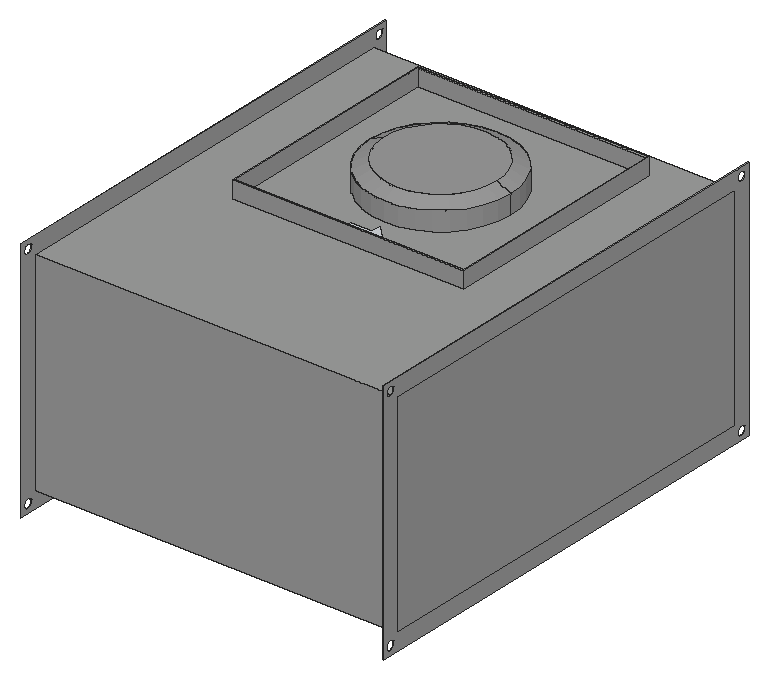
Revit family "Naveka VEC", category Оборудование, Revit 2019
Family settings
  Размер круглого соединителя = Использовать диаметр
  Тип детали = Нормальный
  Номер OmniClass = 23.75.00.00
  Заголовок OmniClass = Climate Control (HVAC)
  На основе рабочей плоскости = Нет
  Всегда вертикально = Да
  При загрузке вырезать с полостями = Нет
  Общий = Нет
  Точка расчета площади = Нет
Parameters (values of type "VEC1-5025")
  Частота вращения n, об/мин = "2860"
  Сила тока J, А = "1.4"
  Напряжение U,В = "1-220"
  Мощность двигателя N,Вт = "170"
  Материал = RAL 0000 Серый металл
  s = 20 mm
  d1 = d * 0.8  # 133.333 mm
  d = B / 3  # 166.667 mm
  Zl = (d - 30 mm) * 2  # 273.333 mm
  Zd = (Hm - H - s) / 4  # 7.5 mm
  Lm = 430 mm
  Hm = 300 mm
  H1 = 270 mm
  H = 250 mm
  B1 = 520 mm
  B = 500 mm
  ADSK_Примечание = ""
  ADSK_Позиция = ""
  ADSK_Наименование = "Вентилятор для прямоугольного канала"  # constant formula
  ADSK_Масса = 18
  ADSK_Марка = "VEC1-5025"
  ADSK_Код изделия = ""
  ADSK_Завод-изготовитель = "Naveka"  # constant formula
  ADSK_Единица измерения = "шт."  # constant formula
Types (9, lengths in mm): name | Частота вращения n, об/мин | Сила тока J, А | Напряжение U,В | Мощность двигателя N,Вт | s | d1 | d | Zl | Zd | Lm | Hm | H1 | H | B1 | B | ADSK_Масса | ADSK_Марка
  (no name) | "2860" | "1.4" | "1-220" | "170" | 20 | 133.333 | 166.667 | 273.333 | 7.5 | 430 | 300 | 270 | 250 | 520 | 500 | 18 | "VEC1-5025"
  VEC1-5025 | "2860" | "1.4" | "1-220" | "170" | 20 | 133.333 | 166.667 | 273.333 | 7.5 | 430 | 300 | 270 | 250 | 520 | 500 | 18 | "VEC1-5025"
  VEC1-5030 | "3370" | "2.5" | "1-220" | "380" | 20 | 133.333 | 166.667 | 273.333 | 7.5 | 430 | 350 | 320 | 300 | 520 | 500 | 21 | "VEC1-5030"
  VEC1-6030 | "2900" | "2.9" | "1-220" | "660" | 20 | 160 | 200 | 340 | 17 | 600 | 388 | 320 | 300 | 620 | 600 | 26 | "VEC1-6030"
  VEC1-6035 | "2640" | "3.2" | "1-220" | "730" | 20 | 160 | 200 | 340 | 17 | 600 | 438 | 370 | 350 | 620 | 600 | 29 | "VEC1-6035"
  VEC3-7040A | "2060" | "2.1" | "3-380" | "1320" | 30 | 186.667 | 233.333 | 406.667 | 15 | 670 | 490 | 430 | 400 | 730 | 700 | 40 | "VEC3-7040A"
  VEC3-7040B | "3230" | "4.6" | "3-380" | "3050" | 30 | 186.667 | 233.333 | 406.667 | 12.5 | 750 | 580 | 430 | 500 | 730 | 700 | 68 | "VEC3-7040B"
  VEC3-8050 | "2800" | "5.8" | "3-380" | "3800" | 30 | 213.333 | 266.667 | 473.333 | 40 | 850 | 690 | 530 | 500 | 830 | 800 | 84 | "VEC3-8050"
  VEC3-10050 | "2480" | "6.8" | "3-380" | "4500" | 30 | 266.667 | 333.333 | 606.667 | 40 | 1000 | 690 | 530 | 500 | 1030 | 1000 | 105 | "VEC3-10050"
Reference planes
  plane 1 "По центру (Вперед/Назад)": y = 0
  plane 2: z = 0
  plane 3 "По центру (Влево/Вправо)": x = 0
  plane 4: y = 250
  plane 5: y = -250
  plane 6: x = 215
  plane 7: z = 125
  plane 8: z = -125
  plane 9: x = -215
  plane 10: y = 270
  plane 11: y = -270
  plane 12: z = 126
  plane 13: z = 145
  plane 14: z = -145
  plane 15: x = 214
  plane 16: x = -214
  plane 17: z = 155
  plane 18: y = 83.333
  plane 19: z = 145
  plane 20: x = -136.667
  plane 21: x = 136.667
  plane 22: y = 220.033
  plane 23: y = -53.3
  plane 24: x = -135.667
  plane 25: y = 219.033
  plane 26: x = 135.667
  plane 27: y = -52.3
  plane 28: z = 147.5
  plane 29: y = 260
  plane 30: y = -260
  plane 31: z = 135
  plane 32: z = -135
Forms (mm)
  Extrusion 1, solid, material "RAL 0000 Серый металл" <- "Материал", detail levels fine
    sketch origin (0, 0, 0) x (0, 1, 0) y (0, 0, 1)
      loop
        line (250, 125) -> (-250, 125) -> (-250, -125) -> (250, -125) -> (250, 125)
    from -215 to 215
  Extrusion 2, solid, detail levels fine
    sketch origin (-0.974, -30, 0) x (1, 0, 0) y (0, 1, 0)
      loop
        line (23.125, 0) -> (3.823, 19.302) -> (3.823, 14.302) -> (3.823, 7.861) -> (-21.177, 7.861) -> (-21.177, 0) -> (-21.177, -7.861) -> (3.823, -7.861) -> (3.823, -14.302) -> (3.823, -19.302) -> (23.125, 0)
    from 0 to 126
  Extrusion 3, solid, material "RAL 0000 Серый металл" <- "Материал", detail levels fine
    sketch origin (0, 0, 0) x (0, 1, 0) y (0, 0, 1)
      loop
        line (270, 145) -> (-270, 145) -> (-270, -145) -> (270, -145) -> (270, 145)
      loop
        line (250, 125) -> (-250, 125) -> (-250, -125) -> (250, -125) -> (250, 125)
    from 214 to 215
  Extrusion 4, solid, material "RAL 0000 Серый металл" <- "Материал", detail levels fine
    sketch origin (0, 0, 0) x (0, 1, 0) y (0, 0, 1)
      loop
        line (270, 145) -> (-270, 145) -> (-270, -145) -> (270, -145) -> (270, 145)
      loop
        line (250, 125) -> (-250, 125) -> (-250, -125) -> (250, -125) -> (250, 125)
    from -215 to -214
  Extrusion 5, solid, material "Каучук, черный", detail levels fine
    sketch origin (0, 0, 0) x (1, 0, 0) y (0, 1, 0)
      loop
        circle (0, 83.333) r 83.333
    from 125 to 147.5
  Extrusion 6, solid, material "RAL 0000 Серый металл" <- "Материал", detail levels fine
    sketch origin (0, 0, 0) x (1, 0, 0) y (0, 1, 0)
      loop
        line (-136.667, 220.033) -> (-136.667, -53.3) -> (136.667, -53.3) -> (136.667, 220.033) -> (-136.667, 220.033)
      loop
        line (-135.667, 219.033) -> (-135.667, -52.3) -> (135.667, -52.3) -> (135.667, 219.033) -> (-135.667, 219.033)
    from 125 to 145
  Blend 7, solid, material "Каучук, черный", detail levels fine
    base sketch origin (-35.247, 0, 0) x (1, 0, 0) y (0, 1, 0)
      loop
        circle (35.247, 83.333) r 83.333
    top sketch origin (-35.247, 0, 0) x (1, 0, 0) y (0, 1, 0)
      loop
        circle (35.247, 83.333) r 66.667
    from 147.5 to 155
  Extrusion 8, void
    sketch origin (0, 0, 0) x (0, 1, 0) y (0, 0, 1)
      loop
        circle (260, 135) r 5.547
      loop
        circle (-260, 135) r 5.547
      loop
        circle (260, -135) r 5.547
      loop
        circle (-260, -135) r 5.547
    from -550 to 550
Cuts and joins
  Extrusion 8 cuts Extrusion 3
  Extrusion 8 cuts Extrusion 4
Lines and regions (mm)
  model lines, detail levels medium
    curve 1: circle (0, 0, 0) r 75 normal (0, -1, 0)
    curve 2: line (75, 0, 0) -> (-46.678, 0, 58.704)
    curve 3: line (-47.5, 0, 58.041) -> (-47.5, 0, -58.041)
    curve 4: line (-46.678, 0, -58.704) -> (75, 0, 0)
  model lines, not visible, detail levels medium
    curve 5: circle (0, 0, 0) r 75 normal (0, -1, 0)
    curve 6: line (75, 0, 0) -> (-46.678, 0, 58.704)
    curve 7: line (-47.5, 0, 58.041) -> (-47.5, 0, -58.041)
    curve 8: line (-46.678, 0, -58.704) -> (75, 0, 0)
  model lines, detail levels coarse
    curve 9: circle (0, 0, 0) r 95 normal (0, 0, 1)
    curve 10: line (95, 0, 0) -> (-55.84, 76.857, 0)
    curve 11: line (-55.84, 76.857, 0) -> (-55.84, -76.857, 0)
    curve 12: line (-55.84, -76.857, 0) -> (95, 0, 0)
  model lines, not visible, detail levels coarse
    curve 13: circle (0, 0, 0) r 95 normal (0, 0, 1)
    curve 14: line (95, 0, 0) -> (-55.84, 76.857, 0)
    curve 15: line (-55.84, 76.857, 0) -> (-55.84, -76.857, 0)
    curve 16: line (-55.84, -76.857, 0) -> (95, 0, 0)
Dimensions and locks
  "B": plane 5 to plane 4
  "Lm": plane 9 to plane 6
  equal spacing: plane 9, plane 3 "По центру (Влево/Вправо)", plane 6
  equal spacing: plane 5, plane 1 "По центру (Вперед/Назад)", plane 4
  equal spacing: plane 7, level, plane 8
  "H": plane 7 to plane 8
  locked: plane 12 to plane 7 at 1
  locked: plane 16 to plane 9 at 1
  locked: plane 15 to plane 6 at 1
  "s": plane 5 to plane 11
  "s": plane 10 to plane 4
  "s": plane 13 to plane 7
  "s": plane 8 to plane 14
  "Hm": plane 17 to plane 14
  "d": plane 4 to plane 18
  locked: plane 7 to plane 19 at 20
  "Zl": plane 22 to plane 23
  "Zl": plane 20 to plane 21
  locked: plane 4 to plane 22 at 29.967
  locked: plane 27 to plane 23 at 1
  locked: plane 26 to plane 21 at 1
  locked: plane 20 to plane 24 at 1
  locked: plane 22 to plane 25 at 1
  equal spacing: plane 20, plane 3 "По центру (Влево/Вправо)", plane 21
  "Zd": plane 28 to plane 17
  equal spacing: plane 32, level, plane 31
  "H1": plane 32 to plane 31
  equal spacing: plane 29, plane 1 "По центру (Вперед/Назад)", plane 30
  "B1": plane 29 to plane 30
  "d": diameter of Extrusion 5 sketch curve
  "d": diameter of Blend 7 sketch curve
  "d1": diameter of Blend 7 sketch curve
  aligned and locked: level to plane 2
  aligned and locked: Extrusion 1 to plane 9
  aligned and locked: Extrusion 1 to plane 6
  aligned and locked: plane 8 to Extrusion 1
  aligned and locked: plane 12 to Extrusion 2
  aligned and locked: plane 13 to Extrusion 3 sketch curve
  aligned and locked: Extrusion 3 sketch curve to plane 10
  aligned and locked: plane 14 to Extrusion 3 sketch curve
  aligned and locked: Extrusion 3 sketch curve to plane 11
  aligned and locked: Extrusion 3 sketch curve to Extrusion 1  (x4)
  aligned and locked: Extrusion 3 to plane 6
  aligned and locked: plane 15 to Extrusion 3
  aligned and locked: Extrusion 4 to plane 9
  aligned and locked: plane 16 to Extrusion 4
  aligned and locked: Extrusion 4 to plane 10
  aligned and locked: Extrusion 4 to plane 11
  aligned and locked: Extrusion 4 to plane 5
  aligned and locked: Extrusion 4 to plane 4
  aligned and locked: plane 11 to Extrusion 4
  aligned and locked: plane 13 to Extrusion 4
  aligned and locked: plane 14 to Extrusion 4
  aligned and locked: plane 18 to Extrusion 5 sketch curve
  aligned and locked: Extrusion 5 to plane 7
  aligned and locked: plane 3 "По центру (Влево/Вправо)" to Extrusion 5 sketch curve
  aligned and locked: Extrusion 6 to plane 7
  aligned and locked: plane 19 to Extrusion 6
  aligned and locked: Extrusion 6 to plane 21
  aligned and locked: plane 22 to Extrusion 6
  aligned and locked: plane 20 to Extrusion 6
  aligned and locked: Extrusion 6 to plane 23
  aligned and locked: Extrusion 6 to plane 24
  aligned and locked: Extrusion 6 to plane 25
  aligned and locked: plane 26 to Extrusion 6
  aligned and locked: plane 27 to Extrusion 6
  aligned and locked: plane 17 to Blend 7
  aligned and locked: Blend 7 to plane 28
  aligned and locked: plane 28 to Extrusion 5
  aligned and locked: plane 3 "По центру (Влево/Вправо)" to Blend 7 sketch curve  (x2)
  aligned and locked: plane 18 to Blend 7 sketch curve  (x2)
  aligned and locked: plane 29 to Extrusion 8 sketch curve  (x2)
  aligned and locked: plane 31 to Extrusion 8 sketch curve  (x2)
  aligned and locked: plane 32 to Extrusion 8 sketch curve  (x2)
  aligned and locked: plane 30 to Extrusion 8 sketch curve  (x2)
Automatic sketch dimensions
  curve 1 to curve 4 = 75 mm
  curve 1 to curve 2 = 0 mm
  curve 4 to curve 1 = 46.678 mm
  curve 2 to curve 1 = 46.678 mm
  curve 3 to curve 4 = 0.822 mm
  curve 5 to curve 8 = 75 mm
  curve 5 to curve 6 = 0 mm
  curve 8 to curve 5 = 46.678 mm
  curve 6 to curve 5 = 46.678 mm
  curve 7 to curve 8 = 0.822 mm
  Extrusion 1 sketch curve to plane 5 = 0 mm
  Extrusion 1 sketch curve to plane 4 = 0 mm
  plane 8 to Extrusion 1 sketch curve = 0 mm
  Extrusion 1 sketch curve to plane 7 = 0 mm
  plane 1 "По центру (Вперед/Назад)" to Extrusion 2 sketch curve = 30 mm  (x2)
  Extrusion 2 sketch curve to plane 3 "По центру (Влево/Вправо)" = 22.151 mm
  plane 3 "По центру (Влево/Вправо)" to Extrusion 2 sketch curve = 2.849 mm  (x2)
  Extrusion 2 sketch curve to Extrusion 2 sketch curve = 19.302 mm
  plane 1 "По центру (Вперед/Назад)" to Extrusion 2 sketch curve = 37.861 mm
  Extrusion 2 sketch curve to Extrusion 2 sketch curve = 6.441 mm
  Extrusion 2 sketch curve to Extrusion 2 sketch curve = 5 mm  (x2)
  Extrusion 2 sketch curve to Extrusion 2 sketch curve = 7.861 mm
  plane 13 to Extrusion 4 sketch curve = 0 mm
  plane 14 to Extrusion 4 sketch curve = 0 mm
  plane 8 to Extrusion 4 sketch curve = 0 mm
  Extrusion 4 sketch curve to plane 7 = 0 mm
  plane 11 to Extrusion 4 sketch curve = 0 mm
  Extrusion 4 sketch curve to plane 5 = 0 mm
  plane 4 to Extrusion 4 sketch curve = 0 mm
  Extrusion 4 sketch curve to plane 10 = 0 mm
  plane 1 "По центру (Вперед/Назад)" to Extrusion 6 sketch curve = 53.3 mm
  plane 16 to Extrusion 6 sketch curve = 77.333 mm
  plane 15 to Extrusion 6 sketch curve = 77.333 mm
  Extrusion 6 sketch curve to plane 4 = 29.967 mm
  plane 21 to Extrusion 6 sketch curve = 1 mm
  Extrusion 6 sketch curve to plane 22 = 1 mm
  Extrusion 6 sketch curve to plane 20 = 1 mm
  plane 23 to Extrusion 6 sketch curve = 1 mm
  radius of Extrusion 8 sketch curve = 5.547 mm  (x4)
Connectors
  hvac at (-215, 0, 0), driven by "H", driven by "B"
    settings: on Extrusion 1, index 3, duct flow 0.0 L/s, flow factor 0, pres drop 0.0 Pa, loss coef 0, conn angle 0.00°, conn width 500 mm, conn height 250 mm, conn diameter 609.6 mm, duct sys type 28, conn prof type 1, flow config 0, flow direction 0, loss method 0, conn ref index 4, conn util no, is conn primary yes, conn desc ""
  hvac at (215, 0, 0), driven by "H", driven by "B"
    settings: on Extrusion 1, index 4, duct flow 0.0 L/s, flow factor 0, pres drop 0.0 Pa, loss coef 0, conn angle 0.00°, conn width 500 mm, conn height 250 mm, conn diameter 609.6 mm, duct sys type 28, conn prof type 1, flow config 0, flow direction 0, loss method 0, conn ref index 3, conn util no, is conn primary no, conn desc ""
